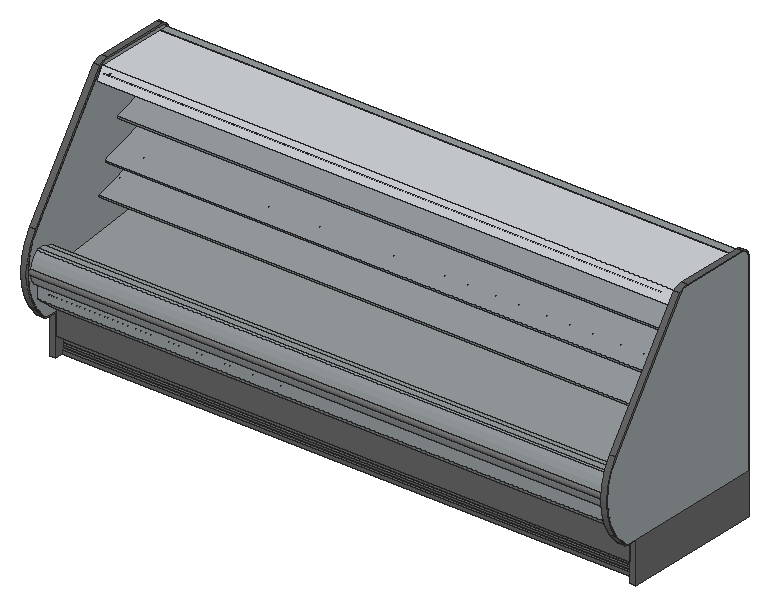
Revit family "O3.5UM_NRG", category Mechanical Equipment, Revit 2019
Family settings
  Round Connector Dimension = Use Radius
  Part Type = Normal
  OmniClass Number = 23.40.40.11.17
  OmniClass Title = Refrigerated Cases
  Work Plane-Based = Yes
  Always vertical = Yes
  Cut with Voids When Loaded = No
  Shared = No
  Room Calculation Point = No
Parameters (values of type "12' Deli")
  Width = 43 1/4"  # constant formula
  URL = "http://www.hillphoenix.com/?s=o3.5um"
  TOP REFRIGERATION PIPING = yes
  TOP ELECTRICAL = yes
  TOEKICK [instance] = BLACK PAINTED METAL
  Standard Power Watts = 35.7 W
  Standard Power Amps = 0.3 A
  Shelf distance = 48"
  STAINLESS STEEL = GALVANIZED STEEL
  Refgn = 12 3/8"
  RT STD END = yes
  REFRIGERATION PIPING = COPPER PIPE
  RUBBER BUMPER [instance] = BLACK
  REAR REFRIGERATION PIPING = yes
  PAINTED METAL UPPER SHELF = PAINTED SHELVES
  PAINTED METAL INTERIOR [instance] = GALVANIZED STEEL
  PAINTED METAL EXTERIOR [instance] = CHARCOAL BROWN
  Number of Shelf = 3
  Model = "O3.5UM-NRG"  # constant formula
  Manufacturer = "HILL PHOENIX"  # constant formula
  Lights Per Row = 3
  Light Length = "48\""
  Length = 144"
  Legend Number = Model  # "O3.5UM-NRG"
  LF STD END = yes
  Keynote = ""  # constant formula
  Item Description = Description  # "Multi-Deck Merchandiser with Synerg-E™"
  Island Timed-Off Termination Temp (°F) = 42 °F  # constant formula
  Island Timed-Off Fail-Safe (Min) = "40 (Min)"  # constant formula
  Island Superheat @ Bulb Set Point (°F) = "6-8 °F"  # constant formula
  Island High Efficiency Fans Watts = 42 W
  Island High Efficiency Fans Amps = 0.6 A
  Island Front Sill Height = "All"
  Island Fans Per Case = 3
  Island Evaporator (°F) = 28 °F
  Island Discharge Air(°F) = 31 °F
  Island Discharge Air Velocity (FPM) = 150 FPM  # constant formula
  Island BTUH Parallel = 930
  Island BTUH Conventional = 1063
  Island Application = "Dairy / Deli / Produce"
  Island  Case Length = 144"
  How Many Defrosts Per Day = 6  # constant formula
  High Power (Cornice) Watts = 64.5 W
  High Power (Cornice) Amps = 0.54 A
  Height = 53 5/8"  # constant formula
  GLASS = Glass
  EQUIPMENT MARK = Legend Number  # "O3.5UM-NRG"
  EQUIPMENT DESCRIPTION = Item Description  # "Multi-Deck Merchandiser with Synerg-E™"
  Description = "Multi-Deck Merchandiser with Synerg-E™"  # constant formula
  Default Elevation = 48"
  DRAIN PIPING = yes
  DESIGNERS NAME = "SHIDDRAMESH"  # constant formula
  DATE = "03/31/2016"  # constant formula
  Certifications = "NSF 7, UL471, CSA"  # constant formula
  DRAIN LINE = 72"
  BOTTOM REFRIGERATION PIPING = yes
  BOTTOM ELECTRICAL = yes
  BASE [instance] = BLACK PAINTED METAL
  Assembly Code = ""
  16" Shelf = yes
  14" Shelf = yes
  12" Shelf = yes
Types (12): name | Standard Power Watts | Standard Power Amps | Shelf distance | Refgn | Lights Per Row | Light Length | Length | Island High Efficiency Fans Watts | Island High Efficiency Fans Amps | Island Front Sill Height | Island Fans Per Case | Island Evaporator (°F) | Island Discharge Air(°F) | Island BTUH Parallel | Island BTUH Conventional | Island Application | Island  Case Length | High Power (Cornice) Watts | High Power (Cornice) Amps | DRAIN LINE
  04' | 16.6 W | 0.14 A | 36" | 12.37369" | 2 | "36\"" | 48" | 28 W | 0.4 A | "All" | 2 | 28 °F | 31 °F | 930 | 1063 | "Dairy / Deli / Produce" | 72" | 29.8 W | 0.25 A | 36"
  06' | 16.6 W | 0.14 A | 36" | 28 5/8" | 2 | "36\"" | 72" | 28 W | 0.4 A | "All" | 2 | 28 °F | 31 °F | 930 | 1063 | "Dairy / Deli / Produce" | 72" | 29.8 W | 0.25 A | 36"
  08' | 23.8 W | 0.2 A | 48" | 28 5/8" | 2 | "48\"" | 96" | 28 W | 0.4 A | "All" | 2 | 28 °F | 31 °F | 930 | 1063 | "Dairy / Deli / Produce" | 96" | 43 W | 0.36 A | 48"
  12' | 35.7 W | 0.3 A | 48" | 28 5/8" | 3 | "48\"" | 144" | 42 W | 0.6 A | "All" | 3 | 28 °F | 31 °F | 930 | 1063 | "Dairy / Deli / Produce" | 144" | 64.5 W | 0.54 A | 72"
  04' Deli | 11 W | 0.1 A | 36" | 12 3/8" | 1 | "48\"" | 48" | 14 W | 0.2 A | "All" | 1 | 28 °F | 31 °F | 930 | 1063 | "Dairy / Deli / Produce" | 48" | 21.5 W | 0.18 A | 36"
  04' Meat | 11 W | 0.1 A | 36" | 22 3/4" | 1 | "48\"" | 48" | 14 W | 0.2 A | "Extended" | 1 | 26 °F | 30 °F | 920 | 1051 | "Meat" | 48" | 21.5 W | 0.18 A | 36"
  06' Deli | 16.6 W | 0.14 A | 36" | 12.37369" | 2 | "36\"" | 72" | 28 W | 0.4 A | "All" | 2 | 28 °F | 31 °F | 930 | 1063 | "Dairy / Deli / Produce" | 72" | 29.8 W | 0.25 A | 36"
  06' Meat | 16.6 W | 0.14 A | 36" | 28 5/8" | 2 | "36\"" | 72" | 28 W | 0.4 A | "Extended" | 2 | 26 °F | 30 °F | 920 | 1051 | "Meat" | 72" | 29.8 W | 0.25 A | 36"
  08' Deli | 23.8 W | 0.2 A | 48" | 12 3/8" | 2 | "48\"" | 96" | 28 W | 0.4 A | "All" | 2 | 28 °F | 31 °F | 930 | 1063 | "Dairy / Deli / Produce" | 96" | 43 W | 0.36 A | 48"
  08' Meat | 23.8 W | 0.2 A | 48" | 28 5/8" | 2 | "48\"" | 96" | 28 W | 0.4 A | "Extended" | 2 | 26 °F | 30 °F | 920 | 1051 | "Meat" | 96" | 43 W | 0.36 A | 48"
  12' Deli | 35.7 W | 0.3 A | 48" | 12 3/8" | 3 | "48\"" | 144" | 42 W | 0.6 A | "All" | 3 | 28 °F | 31 °F | 930 | 1063 | "Dairy / Deli / Produce" | 144" | 64.5 W | 0.54 A | 72"
  12' Meat | 35.7 W | 0.3 A | 48" | 28 5/8" | 3 | "48\"" | 144" | 42 W | 0.6 A | "Extended" | 3 | 26 °F | 30 °F | 920 | 1051 | "Meat" | 144" | 64.5 W | 0.54 A | 72"
Reference planes (in)
  plane 1: z = 0.01963
  plane 2 "LEFT": x = 0
  plane 3 "CASE RIGHT": x = 144
  plane 4: z = 0
  plane 5: y = -15.80874
  plane 6: x = 145.5
  plane 7: x = 72
  plane 8: y = -35.93374
  plane 9: z = 16.99642
Forms (in)
  Extrusion 1, solid, material "BLACK PAINTED METAL" <- "BASE"
    sketch origin (0, 0, 0) x (0, 1, 0) y (0, 0, 1)
      loop
        line (-15.80874, -5.875) -> (-15.80874, 5.125) -> (-47.62124, 5.125) -> (-47.62124, -5.875) -> (-45.69085, -5.875) -> (-45.69085, -2.92693) -> (-17.58874, -2.92693) -> (-17.58874, -5.875) -> (-15.80874, -5.875)
    from 0 to 144
  Extrusion 2, solid, material "CHARCOAL BROWN" <- "PAINTED METAL EXTERIOR"
    sketch origin (0, 0, 0) x (0, 1, 0) y (0, 0, 1)
      loop
        line (-17.80874, 53.5) -> (-17.80874, 13.8096)
        arc (-17.80874, 13.8096) -> (-19.67093, 9.97936) -> (-23.59905, 8.33365) r 6.03269
        line (-23.59905, 8.33365) -> (-41.10336, 7.70434) -> (-43.19438, 6.18536) -> (-45.82493, 6.18536) -> (-48.11015, 7.45214)
        arc (-48.11015, 7.45214) -> (-52.38364, 9.035) -> (-54.31151, 13.16433) r 5.99863
        line (-54.31151, 13.16433) -> (-54.31151, 15.37312) -> (-56.31972, 15.37312) -> (-56.31972, 10.07189) -> (-50.42555, 5.125) -> (-15.80874, 5.125) -> (-15.80874, 53.5) -> (-17.80874, 53.5)
    from 0 to 144
  Extrusion 3, solid, material "PAINTED SHELVES" <- "PAINTED METAL UPPER SHELF"
    sketch origin (0, 0, 0) x (0, 1, 0) y (0, 0, 1)
      loop
        arc (-19.82324, 18.65532) -> (-19.97199, 18.29619) -> (-20.33113, 18.14743) r 0.50789
        line (-20.33113, 18.14743) -> (-23.58406, 17.91996) -> (-23.5984, 18.125) -> (-50.89707, 14.85444) -> (-51.11131, 14.778) -> (-52.07193, 14.778) -> (-52.07193, 20.48987) -> (-54.31151, 20.48987) -> (-54.31151, 13.16433)
        arc (-54.31151, 13.16433) -> (-52.37575, 9.02845) -> (-48.08972, 7.45284) r 6
        line (-48.08972, 7.45284) -> (-45.80324, 6.18536) -> (-43.17269, 6.18536) -> (-41.08167, 7.70434) -> (-23.59905, 8.33365)
        arc (-23.59905, 8.33365) -> (-19.67093, 9.97936) -> (-17.80874, 13.8096) r 6.03269
        line (-17.80874, 13.8096) -> (-17.80874, 18.25) -> (-19.82324, 18.25) -> (-19.82324, 18.65532)
    from 0 to 144
  Extrusion 4, solid, material "GALVANIZED STEEL" <- "STAINLESS STEEL"
    sketch origin (0, 0, 0) x (0, 1, 0) y (0, 0, 1)
      loop
        line (-17.80874, 50.50917) -> (-19.82324, 50.50917) -> (-19.82324, 18.25) -> (-17.80874, 18.25) -> (-17.80874, 50.50917)
    from 0 to 144
  Extrusion 5, solid, material "COPPER PIPE" <- "REFRIGERATION PIPING", visible <- "REAR REFRIGERATION PIPING"
    sketch origin (72, -10.74044, 2.25) x (-1, 0, 0) y (0, 0, 1)
      loop
        circle (-69, 12.25) r 0.5
      loop
        circle (-67, 12.25) r 0.375
    from -6.847 to -4.76622
  Extrusion 6, solid, material "CHARCOAL BROWN" <- "PAINTED METAL EXTERIOR", visible <- "TOP REFRIGERATION PIPING"
    sketch origin (-1, 0, 0) x (1, 0, 0) y (0, 1, 0)
      loop
        line (141, -15.80874) -> (141, -12.80874) -> (129, -12.80874) -> (129, -15.80874) -> (129.125, -15.80874) -> (129.125, -12.93374) -> (140.875, -12.93374) -> (140.875, -15.80874) -> (141, -15.80874)
    from 20.05479 to 49.38425
  Extrusion 7, solid, material "COPPER PIPE" <- "REFRIGERATION PIPING", visible <- "TOP REFRIGERATION PIPING"
    sketch origin (-1, 0, 0) x (1, 0, 0) y (0, 1, 0)
      loop
        circle (135.125, -14.43374) r 0.375
      loop
        circle (138.125, -14.43374) r 0.5
    from 36.946 to 51.0895
  Extrusion 8, solid, material "BLACK PAINTED METAL" <- "BASE"
    sketch origin (0, -10.32473, -5.92912) x (0, 1, 0) y (0, 0, 1)
      loop
        line (-37.29651, 0.05412) -> (-37.29651, 11.05412) -> (-40.10082, 11.05412) -> (-40.10082, 4.89419) -> (-37.49499, 4.89419)
        arc (-37.49499, 4.89419) -> (-37.64498, 4.61148) -> (-37.9483, 4.50939) r 0.43232
        line (-37.9483, 4.50939) -> (-37.9483, 4.00939) -> (-37.8698, 4.00939) -> (-37.45101, 4.08936) -> (-37.58838, 3.65476)
        arc (-37.58838, 3.65476) -> (-37.72442, 3.42905) -> (-37.9483, 3.29) r 0.56287
        line (-37.9483, 3.29) -> (-37.9483, 2.79) -> (-37.8698, 2.79) -> (-37.45101, 2.87496) -> (-37.58838, 2.43538)
        arc (-37.58838, 2.43538) -> (-37.72411, 2.20936) -> (-37.9483, 2.07063) r 0.55931
        line (-37.9483, 2.07063) -> (-37.9483, 1.57063) -> (-37.8698, 1.57063) -> (-37.45101, 1.65558) -> (-37.56253, 1.21239)
        arc (-37.56253, 1.21239) -> (-37.72233, 0.97614) -> (-37.98401, 0.86268) r 0.50984
        line (-37.98401, 0.86268) -> (-37.98401, 0.05412) -> (-37.29651, 0.05412)
    from 0 to 144
  Extrusion 9, solid, material "CHARCOAL BROWN" <- "PAINTED METAL EXTERIOR"
    sketch origin (0, -14.13723, -0.05412) x (0, 1, 0) y (0, 0, 1)
      loop
        line (-40.17428, 15.42724) -> (-40.17428, 20.54398) -> (-40.08842, 20.54398) -> (-40.08842, 21.30412) -> (-41.88342, 21.30412)
        arc (-41.88342, 21.30412) -> (-42.11095, 21.26006) -> (-42.30709, 21.13661) r 0.62908
        arc (-42.30709, 21.13661) -> (-43.61456, 19.49787) -> (-44.37803, 17.54541) r 6.99854
        arc (-44.37803, 17.54541) -> (-44.14586, 15.5484) -> (-43.14588, 13.80428) r 5
        line (-43.14588, 13.80428) -> (-42.18248, 13.80428) -> (-42.18248, 15.42724) -> (-40.17428, 15.42724)
    from 0 to 144
  Extrusion 10, solid, material "BLACK" <- "RUBBER BUMPER"
    sketch origin (0, -14.13723, 0.07297) x (0, 1, 0) y (0, 0, 1)
      loop
        arc (-44.32067, 17.63754) -> (-44.92147, 16.92998) -> (-44.33622, 16.20949) r 0.72641
        arc (-44.33622, 16.20949) -> (-44.39419, 16.81336) -> (-44.3786, 17.4198) r 4.99981
        line (-44.3786, 17.4198) -> (-44.32067, 17.63754)
    from 0 to 144
  Extrusion 11, solid, material "PAINTED SHELVES" <- "PAINTED METAL UPPER SHELF", visible <- "16" Shelf"
    sketch origin (0, 0, 17.99373) x (0, 1, 0) y (0, 0, 1)
      loop
        line (-19.82324, 12.03629) -> (-37.03672, 6.7736) -> (-36.87299, 6.23807) -> (-30.93081, 8.05478) -> (-30.83516, 7.94238) -> (-23.44474, 9.22627)
        arc (-23.44474, 9.22627) -> (-22.75285, 9.24918) -> (-22.08119, 9.08147) r 2.5
        line (-22.08119, 9.08147) -> (-21.24279, 8.7431)
        arc (-21.24279, 8.7431) -> (-20.90347, 8.67103) -> (-20.55994, 8.71922) r 1
        line (-20.55994, 8.71922) -> (-19.82324, 8.95823) -> (-19.82324, 12.03629)
    from 0 to 144
  Extrusion 12, solid, material "PAINTED SHELVES" <- "PAINTED METAL UPPER SHELF", visible <- "12" Shelf"
    sketch origin (0, 0, -1.10445) x (0, 1, 0) y (0, 0, 1)
      loop
        line (-19.82324, 41.65301) -> (-19.82324, 44.73205) -> (-31.29889, 41.22359) -> (-31.13516, 40.68806) -> (-28.91169, 41.36785) -> (-28.81603, 41.25545) -> (-23.39209, 41.93813)
        arc (-23.39209, 41.93813) -> (-22.70019, 41.96104) -> (-22.02854, 41.79333) r 2.5
        line (-22.02854, 41.79333) -> (-21.19014, 41.45496)
        arc (-21.19014, 41.45496) -> (-20.85082, 41.38289) -> (-20.50729, 41.43109) r 1
        line (-20.50729, 41.43109) -> (-19.82324, 41.65301)
    from 0 to 144
  Extrusion 13, void
    sketch origin (0, -15.80744, -12) x (0, 0, 1) y (1, 0, 0)
      loop
        circle (26.44588, 140) r 2
    from 0 to -1.78
  Extrusion 14, solid, material "CHARCOAL BROWN" <- "PAINTED METAL EXTERIOR", visible <- "RT STD END"
    sketch origin (115, 0, 0) x (0, 1, 0) y (0, 0, 1)
      loop
        line (-15.43374, 4.5) -> (-15.43374, 52.78382)
        arc (-15.43374, 52.78382) -> (-15.87308, 53.84448) -> (-16.93374, 54.28382) r 1.5
        line (-16.93374, 54.28382) -> (-34.25631, 54.28382)
        arc (-34.25631, 54.28382) -> (-35.34399, 54.11564) -> (-36.33007, 53.62679) r 3.60119
        line (-36.33007, 53.62679) -> (-56.34554, 25.737)
        arc (-56.34554, 25.737) -> (-59.24114, 16.73595) -> (-56.34554, 7.73491) r 15.43777
        line (-56.34554, 7.73491) -> (-54.30554, 5.30373)
        arc (-54.30554, 5.30373) -> (-53.53283, 4.71081) -> (-52.58194, 4.5) r 2.25
        line (-52.58194, 4.5) -> (-15.43374, 4.5)
    from 30.5 to 29
  Extrusion 15, solid, material "BLACK PAINTED METAL" <- "BASE", visible <- "RT STD END"
    sketch origin (115, 0, 0) x (0, 1, 0) y (0, 0, 1)
      loop
        line (-15.18374, 4.5) -> (-15.18374, 52.8076)
        arc (-15.18374, 52.8076) -> (-15.69631, 54.04504) -> (-16.93374, 54.5576) r 1.75
        line (-16.93374, 54.5576) -> (-34.15745, 54.5576)
        arc (-34.15745, 54.5576) -> (-35.44113, 54.33737) -> (-36.57799, 53.70185) r 3.85119
        line (-36.57799, 53.70185) -> (-56.69027, 25.67715)
        arc (-56.69027, 25.67715) -> (-59.57272, 16.71698) -> (-56.69027, 7.75681) r 15.36767
        line (-56.69027, 7.75681) -> (-54.50029, 5.1418)
        arc (-54.50029, 5.1418) -> (-53.6423, 4.4839) -> (-52.5867, 4.25001) r 2.49897
        line (-52.5867, 4.25001) -> (-50.42555, 4.25001) -> (-50.42555, 4.50001) -> (-52.5867, 4.50001)
        arc (-52.5867, 4.50001) -> (-53.53664, 4.71048) -> (-54.30878, 5.30249) r 2.24897
        line (-54.30878, 5.30249) -> (-56.34554, 7.73491)
        arc (-56.34554, 7.73491) -> (-59.24114, 16.73595) -> (-56.34554, 25.737) r 15.43777
        line (-56.34554, 25.737) -> (-36.33007, 53.62679)
        arc (-36.33007, 53.62679) -> (-35.34399, 54.11564) -> (-34.25631, 54.28382) r 3.60119
        line (-34.25631, 54.28382) -> (-16.93374, 54.28382)
        arc (-16.93374, 54.28382) -> (-15.87308, 53.84448) -> (-15.43374, 52.78382) r 1.5
        line (-15.43374, 52.78382) -> (-15.43374, 4.5) -> (-15.18374, 4.5)
    from 30.5 to 29
  Extrusion 16, solid, material "BLACK PAINTED METAL" <- "BASE", visible <- "RT STD END"
    sketch origin (115, 0, 0) x (0, 1, 0) y (0, 0, 1)
      loop
        line (-50.42555, 4.5) -> (-50.42555, -5.875) -> (-15.18374, -5.875) -> (-15.18374, 4.5) -> (-50.42555, 4.5)
    from 30.5 to 29
  Extrusion 17, solid, material "PAINTED SHELVES" <- "PAINTED METAL UPPER SHELF", visible <- "14" Shelf"
    sketch origin (0, 0, -8.07083) x (0, 1, 0) y (0, 0, 1)
      loop
        line (-19.82324, 41.65301) -> (-19.82324, 44.73205) -> (-35.12411, 40.05411) -> (-34.96038, 39.51858) -> (-30.93081, 40.75054) -> (-30.83516, 40.63814) -> (-23.44474, 41.92203)
        arc (-23.44474, 41.92203) -> (-22.75285, 41.94495) -> (-22.08119, 41.77723) r 2.5
        line (-22.08119, 41.77723) -> (-21.24279, 41.43886)
        arc (-21.24279, 41.43886) -> (-20.90347, 41.3668) -> (-20.55994, 41.41499) r 1
        line (-20.55994, 41.41499) -> (-19.82324, 41.65301)
    from 0 to 144
  Extrusion 18, solid, material "CHARCOAL BROWN" <- "PAINTED METAL EXTERIOR", visible <- "LF STD END"
    sketch origin (-30.5, 0, 0) x (0, 1, 0) y (0, 0, 1)
      loop
        line (-15.43374, 4.5) -> (-15.43374, 52.78382)
        arc (-15.43374, 52.78382) -> (-15.87308, 53.84448) -> (-16.93374, 54.28382) r 1.5
        line (-16.93374, 54.28382) -> (-34.25631, 54.28382)
        arc (-34.25631, 54.28382) -> (-35.34399, 54.11564) -> (-36.33007, 53.62679) r 3.60119
        line (-36.33007, 53.62679) -> (-56.34554, 25.737)
        arc (-56.34554, 25.737) -> (-59.24114, 16.73595) -> (-56.34554, 7.73491) r 15.43777
        line (-56.34554, 7.73491) -> (-54.30554, 5.30373)
        arc (-54.30554, 5.30373) -> (-53.53283, 4.71081) -> (-52.58194, 4.5) r 2.25
        line (-52.58194, 4.5) -> (-15.43374, 4.5)
    from 30.5 to 29
  Extrusion 19, solid, material "BLACK PAINTED METAL" <- "BASE", visible <- "LF STD END"
    sketch origin (-30.5, 0, 0) x (0, 1, 0) y (0, 0, 1)
      loop
        line (-34.25631, 54.28382) -> (-16.93374, 54.28382)
        arc (-16.93374, 54.28382) -> (-15.87308, 53.84448) -> (-15.43374, 52.78382) r 1.5
        line (-15.43374, 52.78382) -> (-15.43374, 4.5) -> (-15.18374, 4.5) -> (-15.18374, 52.8076)
        arc (-15.18374, 52.8076) -> (-15.69631, 54.04504) -> (-16.93374, 54.5576) r 1.75
        line (-16.93374, 54.5576) -> (-34.15745, 54.5576)
        arc (-34.15745, 54.5576) -> (-35.44113, 54.33737) -> (-36.57799, 53.70185) r 3.85119
        line (-36.57799, 53.70185) -> (-56.69027, 25.67715)
        arc (-56.69027, 25.67715) -> (-59.57272, 16.71698) -> (-56.69027, 7.75681) r 15.36767
        line (-56.69027, 7.75681) -> (-54.49705, 5.14303)
        arc (-54.49705, 5.14303) -> (-53.63848, 4.48423) -> (-52.58194, 4.25) r 2.5
        line (-52.58194, 4.25) -> (-50.42555, 4.25) -> (-50.42555, 4.5) -> (-52.58194, 4.5)
        arc (-52.58194, 4.5) -> (-53.53283, 4.71081) -> (-54.30554, 5.30373) r 2.25
        line (-54.30554, 5.30373) -> (-56.34554, 7.73491)
        arc (-56.34554, 7.73491) -> (-59.24114, 16.73595) -> (-56.34554, 25.737) r 15.43777
        line (-56.34554, 25.737) -> (-36.33007, 53.62679)
        arc (-36.33007, 53.62679) -> (-35.34399, 54.11564) -> (-34.25631, 54.28382) r 3.60119
    from 30.5 to 29
  Extrusion 20, solid, material "BLACK PAINTED METAL" <- "BASE", visible <- "LF STD END"
    sketch origin (-30.5, 0, 0) x (0, 1, 0) y (0, 0, 1)
      loop
        line (-50.42555, 4.5) -> (-50.42555, -5.875) -> (-15.18374, -5.875) -> (-15.18374, 4.5) -> (-50.42555, 4.5)
    from 30.5 to 29
  Extrusion 21, solid
    sketch origin (0, -34.33655, 7.45885) x (0, 0.939693, -0.34202) y (0, 0.34202, 0.939693)
      loop
        circle (-14.04788, 41.33455) r 0.5625
      loop
        circle (-15.51988, 41.33455) r 0.5625
    from 0 to 144
  Extrusion 22, solid, material "GALVANIZED STEEL" <- "PAINTED METAL INTERIOR"
    sketch origin (0, 13.38873, 41.70744) x (0, 0.544639, 0.838671) y (0, -0.838671, 0.544639)
      loop
        line (-15.14341, 42.53616) -> (-16.03949, 42.41717)
        arc (-16.03949, 42.41717) -> (-16.06003, 42.40528) -> (-16.06614, 42.38236) r 0.031
        line (-16.06614, 42.38236) -> (-16.02567, 42.07759) -> (-15.55597, 38.73549) -> (-15.51682, 38.45693) -> (-14.58845, 38.5874) -> (-15.14341, 42.53616)
    from 0 to 144
  Extrusion 23, solid
    sketch origin (0, 0, -6.625) x (0, 1, 0) y (0, 0, 1)
      loop
        line (-15.80874, 57.125) -> (-15.80874, 60.125) -> (-36.00591, 60.125) -> (-37.5638, 57.42666) -> (-37.29615, 57.27214) -> (-36.20976, 59.15382) -> (-35.29408, 59.15382) -> (-31.98476, 58.01433) -> (-31.00887, 57.84225) -> (-27.28419, 56.1054) -> (-26.80874, 57.125) -> (-15.80874, 57.125)
    from 0 to 144 <- "Length"
Cuts and joins
  Extrusion 13 cuts Extrusion 2
  Extrusion 13 cuts Extrusion 6
Lines and regions (in)
  model lines
    curve 1: line (0, -59.0672, 16.99642) -> (0, -58.90938, 16.99642)
  symbolic lines
    curve 2: circle (134.12757, -14.42462, 0) r 0.36671 normal (0, 0, 1)
Dimensions and locks (in)
  "Length": plane 2 "LEFT" to plane 3 "CASE RIGHT"
  "DRAIN LINE": plane 2 "LEFT" to plane 7
  locked: plane 3 "CASE RIGHT" to plane 6 at 1.5
  plane 5 to Extrusion 10 = 43 1/4"
  Extrusion 4 to Extrusion 3 = 32.24869"
  curve 2 to Extrusion 15 = 9.87243"
  Extrusion 20 to Extrusion 9 = 27 1/8"
  Extrusion 1 to Extrusion 8 = 32 1/2"
  Extrusion 1 to Extrusion 8 = 31 13/16"
  Extrusion 20 to Extrusion 23 = 59 3/8"
  Extrusion 20 to cut or joined group of Extrusion 2, Extrusion 13 = 11"
  Extrusion 4 to Extrusion 23 = 32 1/4"
  Extrusion 12 to Extrusion 12 = 12"
  Extrusion 17 to Extrusion 17 = 16"
  Extrusion 11 to Extrusion 11 = 18"
  Extrusion 23 to Extrusion 23 = 21.75505"
  Extrusion 23 to plane 8 = 20 1/8"
  Extrusion 3 to Extrusion 23 = 33.50485"
  Extrusion 20 to plane 9 = 22.87142"
  aligned and locked: plane 3 "CASE RIGHT" to Extrusion 4
  aligned and locked: plane 3 "CASE RIGHT" to Extrusion 3
  aligned and locked: Extrusion 2 to plane 3 "CASE RIGHT"
  aligned and locked: plane 3 "CASE RIGHT" to Extrusion 1
  aligned and locked: Extrusion 10 to Extrusion 8
  aligned and locked: Extrusion 9 to Extrusion 8
  aligned and locked: Extrusion 9 to plane 3 "CASE RIGHT"
  aligned and locked: plane 3 "CASE RIGHT" to Extrusion 11
  aligned and locked: plane 3 "CASE RIGHT" to Extrusion 12
  aligned and locked: Extrusion 15 to plane 3 "CASE RIGHT"
  aligned and locked: Extrusion 15 to plane 6
  aligned and locked: Extrusion 14 to plane 3 "CASE RIGHT"
  aligned and locked: Extrusion 14 to plane 6
  aligned and locked: Extrusion 16 to plane 3 "CASE RIGHT"
  aligned and locked: plane 6 to Extrusion 16
  aligned and locked: plane 3 "CASE RIGHT" to Extrusion 17
  aligned and locked: Extrusion 22 to Extrusion 15
  aligned and locked: Extrusion 21 to Extrusion 15
Automatic sketch dimensions
  Extrusion 2 sketch curve to plane 5 = 0"
  plane 5 to Extrusion 2 sketch curve = 2"
  plane 5 to Extrusion 2 sketch curve = 7.79031"
  Extrusion 2 sketch curve to Extrusion 2 sketch curve = 0.217"
  plane 1 to Extrusion 2 sketch curve = 7.68471"
  Extrusion 2 sketch curve to Extrusion 2 sketch curve = 17.50431"
  plane 1 to Extrusion 2 sketch curve = 6.16573"
  Extrusion 2 sketch curve to Extrusion 2 sketch curve = 2.09102"
  Extrusion 2 sketch curve to Extrusion 2 sketch curve = 2.63055"
  Extrusion 2 sketch curve to Extrusion 2 sketch curve = 2.28522"
  Extrusion 2 sketch curve to Extrusion 2 sketch curve = 0.2094"
  Extrusion 2 sketch curve to Extrusion 2 sketch curve = 2.3154"
  Extrusion 2 sketch curve to Extrusion 2 sketch curve = 1.06036"
  Extrusion 2 sketch curve to Extrusion 2 sketch curve = 1.26678"
  plane 1 to Extrusion 2 sketch curve = 8.31402"
  Extrusion 2 sketch curve to Extrusion 2 sketch curve = 4.94689"
  Extrusion 2 sketch curve to Extrusion 2 sketch curve = 3.09244"
  Extrusion 2 sketch curve to Extrusion 2 sketch curve = 5.47595"
  Extrusion 2 sketch curve to Extrusion 2 sketch curve = 2.20879"
  Extrusion 3 sketch curve to Extrusion 3 sketch curve = 2.23958"
  Extrusion 3 sketch curve to Extrusion 3 sketch curve = 0.96062"
  Extrusion 3 sketch curve to Extrusion 3 sketch curve = 0.21424"
  Extrusion 3 sketch curve to Extrusion 3 sketch curve = 2.57882"
  Extrusion 3 sketch curve to Extrusion 3 sketch curve = 0.22853"
  plane 1 to Extrusion 3 sketch curve = 6.16573"
  Extrusion 3 sketch curve to Extrusion 3 sketch curve = 2.28648"
  Extrusion 3 sketch curve to Extrusion 3 sketch curve = 2.63055"
  plane 1 to Extrusion 3 sketch curve = 7.68471"
  Extrusion 3 sketch curve to Extrusion 3 sketch curve = 2.09102"
  plane 5 to Extrusion 3 sketch curve = 8.0073"
  Extrusion 3 sketch curve to Extrusion 3 sketch curve = 0.217"
  Extrusion 3 sketch curve to Extrusion 3 sketch curve = 0.21765"
  Extrusion 3 sketch curve to Extrusion 3 sketch curve = 0.01434"
  Extrusion 3 sketch curve to Extrusion 3 sketch curve = 3.25293"
  Extrusion 3 sketch curve to Extrusion 3 sketch curve = 0.50789"
  plane 5 to Extrusion 3 sketch curve = 2"
  Extrusion 3 sketch curve to Extrusion 3 sketch curve = 1.26748"
  plane 1 to Extrusion 3 sketch curve = 8.31402"
  Extrusion 3 sketch curve to Extrusion 3 sketch curve = 5.71149"
  Extrusion 3 sketch curve to Extrusion 3 sketch curve = 5.47595"
  Extrusion 3 sketch curve to Extrusion 3 sketch curve = 1.32951"
  Extrusion 3 sketch curve to Extrusion 3 sketch curve = 0.07644"
  Extrusion 3 sketch curve to Extrusion 3 sketch curve = 4.4404"
  Extrusion 3 sketch curve to Extrusion 3 sketch curve = 3.55753"
  Extrusion 3 sketch curve to Extrusion 3 sketch curve = 0.20504"
  Extrusion 3 sketch curve to Extrusion 3 sketch curve = 5.71187"
  plane 5 to Extrusion 4 sketch curve = 4.01449"
  plane 5 to Extrusion 4 sketch curve = 2"
  plane 1 to Extrusion 4 sketch curve = 18.23037"
  Extrusion 9 sketch curve to Extrusion 9 sketch curve = 0"
  Extrusion 9 sketch curve to Extrusion 9 sketch curve = 0.96339"
  Extrusion 9 sketch curve to Extrusion 9 sketch curve = 0.42367"
  Extrusion 9 sketch curve to Extrusion 9 sketch curve = 0.42743"
  Extrusion 9 sketch curve to Extrusion 9 sketch curve = 2.0082"
  Extrusion 9 sketch curve to Extrusion 9 sketch curve = 0.08586"
  Extrusion 9 sketch curve to Extrusion 9 sketch curve = 0.77748"
  Extrusion 9 sketch curve to Extrusion 9 sketch curve = 1.84493"
  plane 1 to Extrusion 9 sketch curve = 13.73053"
  Extrusion 9 sketch curve to Extrusion 9 sketch curve = 1.62296"
  Extrusion 9 sketch curve to Extrusion 9 sketch curve = 0.57446"
  Extrusion 9 sketch curve to Extrusion 9 sketch curve = 1.68528"
  Extrusion 9 sketch curve to Extrusion 9 sketch curve = 0.76013"
  plane 5 to Extrusion 12 sketch curve = 15.49015"
  Extrusion 12 sketch curve to Extrusion 12 sketch curve = 0.16373"
  Extrusion 12 sketch curve to Extrusion 12 sketch curve = 2.22348"
  Extrusion 12 sketch curve to Extrusion 12 sketch curve = 0.09566"
  Extrusion 12 sketch curve to Extrusion 12 sketch curve = 5.42394"
  Extrusion 12 sketch curve to Extrusion 12 sketch curve = 0.4279"
  Extrusion 12 sketch curve to Extrusion 12 sketch curve = 1.36355"
  Extrusion 12 sketch curve to Extrusion 12 sketch curve = 0.8384"
  Extrusion 12 sketch curve to Extrusion 12 sketch curve = 0.37426"
  Extrusion 12 sketch curve to Extrusion 12 sketch curve = 0.68285"
  Extrusion 12 sketch curve to Extrusion 12 sketch curve = 0.99264"
  Extrusion 12 sketch curve to Extrusion 12 sketch curve = 1.21304"
  Extrusion 12 sketch curve to Extrusion 12 sketch curve = 0.53553"
  Extrusion 12 sketch curve to Extrusion 12 sketch curve = 0.1124"
  Extrusion 12 sketch curve to Extrusion 12 sketch curve = 1.95607"
  Extrusion 12 sketch curve to Extrusion 12 sketch curve = 0.02387"
  Extrusion 12 sketch curve to Extrusion 12 sketch curve = 0.22192"
  Extrusion 12 sketch curve to Extrusion 12 sketch curve = 0.33837"
  Extrusion 16 sketch curve to level = 5 7/8"
  Extrusion 16 sketch curve to plane 5 = 5/8"
  plane 1 to Extrusion 16 sketch curve = 4.48037"
  Extrusion 20 sketch curve to level = 5 7/8"
  Extrusion 20 sketch curve to plane 5 = 5/8"
  plane 1 to Extrusion 20 sketch curve = 4.48037"
  Extrusion 14 sketch curve to plane 5 = 3/8"
  plane 1 to Extrusion 14 sketch curve = 4.48037"
  Extrusion 18 sketch curve to plane 5 = 3/8"
  Extrusion 10 sketch curve to Extrusion 10 sketch curve = 4.79766"
  plane 1 to Extrusion 10 sketch curve = 16.97541"
  Extrusion 10 sketch curve to Extrusion 10 sketch curve = 0.06626"
  Extrusion 10 sketch curve to Extrusion 10 sketch curve = 0.05793"
  Extrusion 10 sketch curve to Extrusion 10 sketch curve = 0.71257"
  Extrusion 22 sketch curve to Extrusion 22 sketch curve = 0.02665"
  Extrusion 22 sketch curve to Extrusion 22 sketch curve = 0.03073"
  Extrusion 22 sketch curve to Extrusion 22 sketch curve = 0.04047"
  Extrusion 22 sketch curve to Extrusion 22 sketch curve = 0.4697"
  Extrusion 22 sketch curve to Extrusion 22 sketch curve = 0.03915"
  Extrusion 22 sketch curve to Extrusion 22 sketch curve = 0.89609"
  Extrusion 22 sketch curve to Extrusion 22 sketch curve = 0.92838"
  Extrusion 22 sketch curve to Extrusion 22 sketch curve = 0.30477"
  Extrusion 22 sketch curve to Extrusion 22 sketch curve = 3.3421"
  Extrusion 22 sketch curve to Extrusion 22 sketch curve = 0.14809"
  Extrusion 22 sketch curve to Extrusion 22 sketch curve = 0.00408"
  Extrusion 23 sketch curve to plane 5 = 0"
  Extrusion 23 sketch curve to Extrusion 23 sketch curve = 4.2852"
  Extrusion 23 sketch curve to Extrusion 23 sketch curve = 0.71183"
  Extrusion 23 sketch curve to Extrusion 23 sketch curve = 0.91568"
  Extrusion 23 sketch curve to Extrusion 23 sketch curve = 1.08639"
  Extrusion 23 sketch curve to Extrusion 23 sketch curve = 0.26765"
  Extrusion 23 sketch curve to Extrusion 23 sketch curve = 3"
  Extrusion 23 sketch curve to Extrusion 23 sketch curve = 1.0196"
  Extrusion 23 sketch curve to Extrusion 23 sketch curve = 0.97589"
  Extrusion 23 sketch curve to Extrusion 23 sketch curve = 0.17208"
  Extrusion 5 sketch curve to plane 3 "CASE RIGHT" = 3"
  Extrusion 5 sketch curve to Extrusion 5 sketch curve = 2"
  plane 1 to Extrusion 5 sketch curve = 14.48037"
  Extrusion 5 sketch curve to Extrusion 5 sketch curve = 0"
  plane 5 to Extrusion 6 sketch curve = 0"  (x2)
  Extrusion 6 sketch curve to plane 3 "CASE RIGHT" = 16"
  Extrusion 6 sketch curve to Extrusion 6 sketch curve = 1/8"  (x3)
  Extrusion 6 sketch curve to plane 3 "CASE RIGHT" = 4 1/8"
  Extrusion 6 sketch curve to plane 5 = 2 7/8"
  Extrusion 7 sketch curve to plane 5 = 1 3/8"  (x2)
  Extrusion 7 sketch curve to plane 3 "CASE RIGHT" = 9 7/8"
  Extrusion 7 sketch curve to Extrusion 7 sketch curve = 3"
  Extrusion 13 sketch curve to plane 3 "CASE RIGHT" = 4"
  plane 1 to Extrusion 13 sketch curve = 14.42625"
  Extrusion 21 sketch curve to Extrusion 21 sketch curve = 1.472"
  Extrusion 21 sketch curve to Extrusion 21 sketch curve = 0"
  level to Extrusion 18 sketch curve = 6 3/4"
  plane 1 to Extrusion 18 sketch curve = 4.48037"
  Extrusion 18 sketch curve to Extrusion 18 sketch curve = 1.7236"
  plane 5 to Extrusion 18 sketch curve = 1 1/8"
  Extrusion 18 sketch curve to Extrusion 18 sketch curve = 18.987"
  Extrusion 18 sketch curve to Extrusion 18 sketch curve = 8.77857"
  Extrusion 18 sketch curve to Extrusion 18 sketch curve = 9.98595"
  Extrusion 14 sketch curve to Extrusion 14 sketch curve = 2 1/4"
  Extrusion 14 sketch curve to Extrusion 14 sketch curve = 1.7236"
  plane 5 to Extrusion 14 sketch curve = 1 1/8"
  Extrusion 14 sketch curve to Extrusion 14 sketch curve = 18.987"
  Extrusion 14 sketch curve to Extrusion 14 sketch curve = 8.77857"
  Extrusion 14 sketch curve to Extrusion 14 sketch curve = 9.98595"
  curve 2 to plane 5 = 1.38412"
  Extrusion 14 sketch curve to Extrusion 14 sketch curve = 19.39633"
  Extrusion 18 sketch curve to Extrusion 18 sketch curve = 19.39633"
  plane 5 to Extrusion 21 sketch curve = 18.97447"
  plane 5 to Extrusion 22 sketch curve = 15.09761"
  plane 5 to Extrusion 23 sketch curve = 11"
  Extrusion 23 sketch curve to Extrusion 23 sketch curve = 0.47545"
  Extrusion 19 sketch curve to Extrusion 19 sketch curve = 0"  (x5)
  Extrusion 19 sketch curve to Extrusion 19 sketch curve = 0.34473"  (x2)
  Extrusion 19 sketch curve to Extrusion 19 sketch curve = 1.84849"
  Extrusion 19 sketch curve to Extrusion 19 sketch curve = 0.19151"
  Extrusion 19 sketch curve to Extrusion 19 sketch curve = 1.7236"
  Extrusion 19 sketch curve to Extrusion 19 sketch curve = 8.37689"
  Extrusion 19 sketch curve to Extrusion 19 sketch curve = 0.40168"
  plane 5 to Extrusion 19 sketch curve = 20.76924"
  Extrusion 19 sketch curve to Extrusion 19 sketch curve = 0.24792"
  Extrusion 19 sketch curve to Extrusion 19 sketch curve = 2.07376"
  Extrusion 19 sketch curve to Extrusion 19 sketch curve = 0.09886"
  plane 5 to Extrusion 19 sketch curve = 1 1/8"
  Extrusion 19 sketch curve to plane 5 = 3/8"
  Extrusion 19 sketch curve to Extrusion 19 sketch curve = 1/4"
  plane 1 to Extrusion 19 sketch curve = 25.71737"
  Extrusion 19 sketch curve to Extrusion 19 sketch curve = 0.05984"
  Extrusion 19 sketch curve to Extrusion 19 sketch curve = 9.00105"
  Extrusion 19 sketch curve to Extrusion 19 sketch curve = 0.01897"
  Extrusion 19 sketch curve to Extrusion 19 sketch curve = 0.98491"
  Extrusion 19 sketch curve to Extrusion 19 sketch curve = 1.44627"
  Extrusion 19 sketch curve to Extrusion 19 sketch curve = 0.1607"
  plane 1 to Extrusion 19 sketch curve = 4.48037"
  Extrusion 19 sketch curve to Extrusion 19 sketch curve = 0.02378"  (x2)
  Extrusion 19 sketch curve to Extrusion 19 sketch curve = 2.15639"
  Extrusion 15 sketch curve to Extrusion 15 sketch curve = 0.34473"  (x2)
  Extrusion 15 sketch curve to Extrusion 15 sketch curve = 1.84524"
  Extrusion 15 sketch curve to Extrusion 15 sketch curve = 0.19151"
  Extrusion 15 sketch curve to Extrusion 15 sketch curve = 1.72208"
  Extrusion 15 sketch curve to Extrusion 15 sketch curve = 0"  (x3)
  Extrusion 15 sketch curve to Extrusion 15 sketch curve = 2.16115"
  Extrusion 15 sketch curve to Extrusion 15 sketch curve = 8.38165"
  Extrusion 15 sketch curve to Extrusion 15 sketch curve = 0.40168"
  plane 5 to Extrusion 15 sketch curve = 20.76924"
  Extrusion 15 sketch curve to Extrusion 15 sketch curve = 0.24792"
  Extrusion 15 sketch curve to Extrusion 15 sketch curve = 2.07376"
  Extrusion 15 sketch curve to Extrusion 15 sketch curve = 0.09886"
  plane 5 to Extrusion 15 sketch curve = 1 1/8"
  Extrusion 15 sketch curve to plane 5 = 3/8"
  Extrusion 15 sketch curve to Extrusion 15 sketch curve = 1/4"
  plane 1 to Extrusion 15 sketch curve = 25.71737"
  Extrusion 15 sketch curve to Extrusion 15 sketch curve = 0.05984"
  Extrusion 15 sketch curve to Extrusion 15 sketch curve = 9.00105"
  Extrusion 15 sketch curve to Extrusion 15 sketch curve = 0.01897"
  Extrusion 15 sketch curve to Extrusion 15 sketch curve = 0.98592"
  Extrusion 15 sketch curve to Extrusion 15 sketch curve = 1.44649"
  Extrusion 15 sketch curve to Extrusion 15 sketch curve = 0.1607"
  plane 1 to Extrusion 15 sketch curve = 4.48037"
  Extrusion 15 sketch curve to Extrusion 15 sketch curve = 0.02378"  (x2)
  Extrusion 2 sketch curve to plane 9 = 36.50358"
  Extrusion 4 sketch curve to Extrusion 4 sketch curve = 32.25917"
  Extrusion 12 sketch curve to plane 9 = 21.37416"
  plane 8 to Extrusion 14 sketch curve = 1.67743"
  Extrusion 14 sketch curve to Extrusion 14 sketch curve = 24.94563"
  Extrusion 14 sketch curve to Extrusion 14 sketch curve = 2.10119"
  Extrusion 15 sketch curve to Extrusion 15 sketch curve = 24.94563"
  Extrusion 15 sketch curve to Extrusion 15 sketch curve = 2.07741"
  plane 8 to Extrusion 18 sketch curve = 1.67743"
  Extrusion 18 sketch curve to Extrusion 18 sketch curve = 24.94563"
  Extrusion 18 sketch curve to Extrusion 18 sketch curve = 2.10119"
  Extrusion 19 sketch curve to Extrusion 19 sketch curve = 24.94563"
  Extrusion 19 sketch curve to Extrusion 19 sketch curve = 2.07741"
  Extrusion 21 sketch curve to plane 9 = 34.61231"
  Extrusion 22 sketch curve to plane 9 = 34.31991"
  Extrusion 23 sketch curve to Extrusion 23 sketch curve = 3.72468"
  Extrusion 23 sketch curve to plane 9 = 32.48399"
  Extrusion 23 sketch curve to Extrusion 23 sketch curve = 2.85286"
  Extrusion 2 sketch curve to Extrusion 2 sketch curve = 5.99196"
  Extrusion 2 sketch curve to Extrusion 2 sketch curve = 2.0082"
  Extrusion 3 sketch curve to plane 8 = 5.14792"
  Extrusion 9 sketch curve to plane 8 = 21.34936"
  Extrusion 9 sketch curve to Extrusion 9 sketch curve = 1.795"
  Extrusion 9 sketch curve to Extrusion 9 sketch curve = 3.43147"
  Extrusion 10 sketch curve to plane 9 = 0.49635"
  Extrusion 10 sketch curve to plane 8 = 22.58209"
  Extrusion 10 sketch curve to Extrusion 10 sketch curve = 0.18351"
  Extrusion 14 sketch curve to plane 8 = 7.86963"
  Extrusion 14 sketch curve to Extrusion 14 sketch curve = 12.54217"
  plane 1 to Extrusion 14 sketch curve = 7.71527"
  Extrusion 15 sketch curve to plane 8 = 7.86963"
  Extrusion 15 sketch curve to Extrusion 15 sketch curve = 12.14049"
  Extrusion 16 sketch curve to plane 8 = 14.49181"
  Extrusion 18 sketch curve to plane 8 = 7.86963"
  Extrusion 18 sketch curve to Extrusion 18 sketch curve = 12.54217"
  plane 1 to Extrusion 18 sketch curve = 7.71527"
  Extrusion 19 sketch curve to plane 8 = 7.86963"
  Extrusion 19 sketch curve to Extrusion 19 sketch curve = 12.14049"
  Extrusion 20 sketch curve to plane 8 = 14.49181"
  Extrusion 8 sketch curve to level = 1.03493"
  Extrusion 8 sketch curve to plane 8 = 14.49181"
  Extrusion 8 sketch curve to Extrusion 8 sketch curve = 1.97574"
  Extrusion 8 sketch curve to Extrusion 8 sketch curve = 0.00285"
  Extrusion 8 sketch curve to Extrusion 8 sketch curve = 0.07435"
  Extrusion 8 sketch curve to Extrusion 8 sketch curve = 0.06387"
  Extrusion 8 sketch curve to Extrusion 8 sketch curve = 0.17678"
  Extrusion 8 sketch curve to Extrusion 8 sketch curve = 0.17393"  (x2)
  Extrusion 8 sketch curve to Extrusion 8 sketch curve = 0.02353"
  Extrusion 8 sketch curve to Extrusion 8 sketch curve = 0.0785"  (x3)
  Extrusion 8 sketch curve to level = 4.35849"
  Extrusion 8 sketch curve to level = 3.49374"
  Extrusion 8 sketch curve to Extrusion 8 sketch curve = 0.28142"  (x2)
  Extrusion 8 sketch curve to level = 2.27436"
  Extrusion 8 sketch curve to level = 4.71673"
  Extrusion 8 sketch curve to Extrusion 8 sketch curve = 0.30726"
  Extrusion 8 sketch curve to Extrusion 8 sketch curve = 0.42977"
  Extrusion 8 sketch curve to level = 1.83976"
  Extrusion 8 sketch curve to Extrusion 8 sketch curve = 0.41879"  (x3)
  Extrusion 8 sketch curve to level = 4.27354"
  Extrusion 8 sketch curve to level = 3.05416"
  Extrusion 8 sketch curve to Extrusion 8 sketch curve = 11/16"
  Extrusion 8 sketch curve to Extrusion 8 sketch curve = 0.3497"
  Extrusion 8 sketch curve to Extrusion 8 sketch curve = 0.80857"
  Extrusion 8 sketch curve to Extrusion 8 sketch curve = 1/2"  (x3)
  Extrusion 8 sketch curve to Extrusion 8 sketch curve = 0.1878"
  Extrusion 8 sketch curve to Extrusion 8 sketch curve = 0.18499"
  plane 1 to Extrusion 8 sketch curve = 5.10537"
  Extrusion 1 sketch curve to plane 5 = 0"
  plane 5 to Extrusion 1 sketch curve = 1.78"
  Extrusion 1 sketch curve to level = 2.92693"
  Extrusion 1 sketch curve to plane 8 = 9.7571"
  Extrusion 1 sketch curve to Extrusion 1 sketch curve = 1.9304"
  Extrusion 1 sketch curve to Extrusion 1 sketch curve = 2.94807"  (x2)
  plane 1 to Extrusion 1 sketch curve = 5.10537"
  Extrusion 17 sketch curve to Extrusion 17 sketch curve = 0.16373"
  Extrusion 17 sketch curve to Extrusion 17 sketch curve = 4.02957"
  Extrusion 17 sketch curve to Extrusion 17 sketch curve = 0.09566"
  Extrusion 17 sketch curve to Extrusion 17 sketch curve = 7.39041"
  Extrusion 17 sketch curve to Extrusion 17 sketch curve = 0.4279"
  Extrusion 17 sketch curve to Extrusion 17 sketch curve = 1.36355"
  Extrusion 17 sketch curve to Extrusion 17 sketch curve = 0.8384"
  Extrusion 17 sketch curve to Extrusion 17 sketch curve = 0.37426"
  Extrusion 17 sketch curve to Extrusion 17 sketch curve = 1.0453"
  Extrusion 17 sketch curve to plane 9 = 14.39167"
  Extrusion 17 sketch curve to Extrusion 17 sketch curve = 0.05965"
  Extrusion 17 sketch curve to Extrusion 17 sketch curve = 0.53553"
  Extrusion 17 sketch curve to Extrusion 17 sketch curve = 0.1124"
  Extrusion 17 sketch curve to Extrusion 17 sketch curve = 1.97994"
  Extrusion 17 sketch curve to Extrusion 17 sketch curve = 0.21415"
  Extrusion 17 sketch curve to Extrusion 17 sketch curve = 0.33837"
  Extrusion 17 sketch curve to Extrusion 17 sketch curve = 0.92732"
  Extrusion 17 sketch curve to Extrusion 17 sketch curve = 0.68285"
  Extrusion 17 sketch curve to Extrusion 17 sketch curve = 0.00029"
  Extrusion 17 sketch curve to Extrusion 17 sketch curve = 0.00089"
  plane 8 to Extrusion 17 sketch curve = 0.80963"
  Extrusion 11 sketch curve to Extrusion 11 sketch curve = 0.16373"
  plane 8 to Extrusion 11 sketch curve = 5.00293"
  Extrusion 11 sketch curve to Extrusion 11 sketch curve = 0.09566"
  Extrusion 11 sketch curve to Extrusion 11 sketch curve = 7.39041"
  Extrusion 11 sketch curve to Extrusion 11 sketch curve = 0.4279"
  Extrusion 11 sketch curve to Extrusion 11 sketch curve = 1.36355"
  Extrusion 11 sketch curve to Extrusion 11 sketch curve = 0.8384"
  Extrusion 11 sketch curve to Extrusion 11 sketch curve = 0.37426"
  Extrusion 11 sketch curve to Extrusion 11 sketch curve = 0.68285"
  Extrusion 11 sketch curve to Extrusion 11 sketch curve = 0.73671"
  Extrusion 11 sketch curve to plane 9 = 7.23538"
  Extrusion 11 sketch curve to plane 9 = 7.76047"
  Extrusion 11 sketch curve to Extrusion 11 sketch curve = 0.53553"
  Extrusion 11 sketch curve to Extrusion 11 sketch curve = 0.1124"
  Extrusion 11 sketch curve to Extrusion 11 sketch curve = 1.95607"
  Extrusion 11 sketch curve to Extrusion 11 sketch curve = 0.02387"
  Extrusion 11 sketch curve to Extrusion 11 sketch curve = 0.239"
  Extrusion 11 sketch curve to Extrusion 11 sketch curve = 0.33837"
  Extrusion 11 sketch curve to plane 8 = 0.93925"
  plane 9 to curve 1 = 0"
  curve 1 to plane 8 = 22.97563"
  curve 1 to curve 1 = 0.15783"
  radius of Extrusion 5 sketch curve = 1/2"
  radius of Extrusion 5 sketch curve = 3/8"
  radius of Extrusion 7 sketch curve = 3/8"
  radius of Extrusion 7 sketch curve = 1/2"
  radius of Extrusion 13 sketch curve = 2"
  radius of Extrusion 21 sketch curve = 9/16"  (x2)
  radius of curve 2 = 0.36671"
Nested families (in)
  nested 1: "SOLOCHILL DYNAMIC" at (10.95207, -1.7015, 66.274), type "NONE"
    with TOEKICK BLACK PAINTED METAL, REFRIGERATION PIPING COPPER PIPE, PAINTED METAL UPPER SHELF none, PAINTED METAL INTERIOR GALVANIZED STEEL, PAINTED METAL EXTERIOR CHARCOAL BROWN, METAL none, FRONT PANEL CHARCOAL BROWN, BLACK PAINTED METAL none, BASE BLACK PAINTED METAL
Connectors (in)
  piping at (141, -15.50666, 14.5), diameter 0.5
    settings: on Extrusion 5, index 1, connector inside diameter 1/2", connector length 0", flow factor 0, pipe flow 0 GPM, pressure drop 0.00 psi, fitting loss kfactor 0, connector angle 0.000°, fixture units 0, engagement length 0", angle of deflection 0.000°, flow configuration 0, flow direction 2, fitting loss method 0, system type 7, joint type 0, gender type 0, connector reference index -1, connector utility 0, adjustable connector no, is connector primary yes, connector description "SUCTION LINE CONNECTION"
  piping at (139, -15.50666, 14.5), diameter 0.375
    settings: on Extrusion 5, index 2, connector inside diameter 3/8", connector length 0", flow factor 0, pipe flow 0 GPM, pressure drop 0.00 psi, fitting loss kfactor 0, connector angle 0.000°, fixture units 0, engagement length 0", angle of deflection 0.000°, flow configuration 0, flow direction 1, fitting loss method 0, system type 8, joint type 0, gender type 0, connector reference index -1, connector utility 0, adjustable connector no, is connector primary no, connector description "LIQUID LINE CONNECTION"
  piping at (137.125, -14.43374, 51.0895), diameter 0.5
    settings: on Extrusion 7, index 10, connector inside diameter 1/2", connector length 0", flow factor 0, pipe flow 0 GPM, pressure drop 0.00 psi, fitting loss kfactor 0, connector angle 0.000°, fixture units 0, engagement length 0", angle of deflection 0.000°, flow configuration 0, flow direction 2, fitting loss method 0, system type 7, joint type 0, gender type 0, connector reference index -1, connector utility 0, adjustable connector no, is connector primary no, connector description "SUCTION LINE CONNECTION"
  piping at (134.125, -14.43374, 51.0895), diameter 0.375
    settings: on Extrusion 7, index 11, connector inside diameter 3/8", connector length 0", flow factor 0, pipe flow 0 GPM, pressure drop 0.00 psi, fitting loss kfactor 0, connector angle 0.000°, fixture units 0, engagement length 0", angle of deflection 0.000°, flow configuration 0, flow direction 1, fitting loss method 0, system type 8, joint type 0, gender type 0, connector reference index -1, connector utility 0, adjustable connector no, is connector primary no, connector description "LIQUID LINE CONNECTION"
